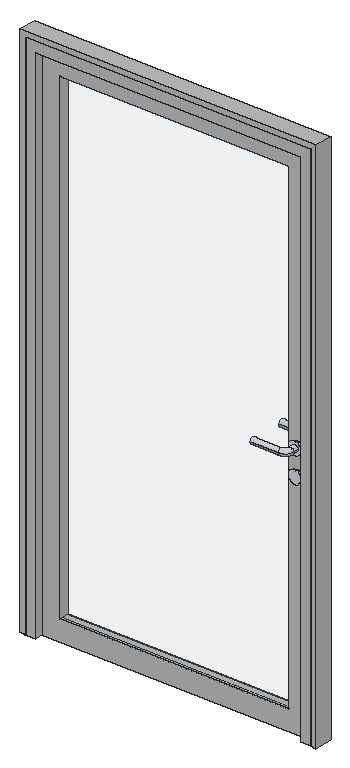
Revit family "BRU_Дверь_Однопольная_Алюминиевая", category Двери, Revit 2021
Family settings
  Основа = Стена
  Номер OmniClass = 23.30.10.00
  Заголовок OmniClass = Doors
  Всегда вертикально = Да
  При загрузке вырезать с полостями = Нет
  Общий = Нет
  Точка принадлежности помещению = Нет
Parameters (values of type "ДАВ-О-Н-EIWS30 1150х2100(h) Пр")
  Четверть сверху.Размер [instance] = 30 mm
  Четверть (есть/нет) [instance] = no
  Четверть сверху [instance] = if([Четверть (есть/нет)], Четверть сверху.Размер, 0 mm)  # 0 mm
  Четверть сбоку [instance] = if([Четверть (есть/нет)], Четверти сбоку.Размер, 0 mm)  # 0 mm
  Четверти сбоку.Размер [instance] = 30 mm
  Угол в плане 30 [instance] = yes
  Тип полотна двери = Полотно : Остекленное
  Ручка двери = none
  Рама двери.Ширина справа = 80 mm
  Рама двери.Ширина слева = 80 mm
  Рама двери.Ширина внизу = 80 mm
  Рама двери.Ширина вверху = 80 mm
  Полотно двери. Высота = Height - Коробка.Ширина  # 2050 mm
  Площадь [instance] = Rough Width * Rough Height  # 2.5645 m²
  Откосы.Ширина [instance] = 530 mm
  Define Thermal Properties by = 1
  Fire Rating = ""
  О_Обозначение = ""
  О_Наименование = ""
  Монтажный зазор снизу.Толщина [instance] = 130 mm
  Монтажный зазор сверху.Толщина = 20 mm
  Коробка.Ширина = 30 mm
  Коробка.Толщина = 70 mm
  Правая = yes
  Полотно.Толщина = 40 mm
  Полотно двери = none
  Остекление двери = none
  Наличник.Ширина [instance] = 60 mm
  Наличник.Толщина [instance] = 10 mm
  Наличник снаружи (есть/нет) [instance] = no
  Наличник внутри (есть/нет) [instance] = no
  Монтажный зазор сбоку.Толщина = 20 mm
  Type Comments = ""
  Глубина выреза проема наружу [instance] = 200 mm
  Глубина выреза проема внутрь [instance] = 200 mm
  Глубина вставки двери [instance] = 0 mm
  Левая = not(Правая)  # no
  Защитное ограждение (есть/нет) = no
  Огибание наружных слоев [instance] = 0 mm
  Width = 1110 mm
  Rough Width [instance] = Width + Монтажный зазор сбоку.Толщина * 2  # 1150 mm
  Rough Height [instance] = Height + Монтажный зазор сверху.Толщина + Монтажный зазор снизу.Толщина  # 2230 mm
  Группа модели = "Дверь остекленная с выпадающим порогом"
  Manufacturer = ""
  Wall Closure = (empty or 0)
  Height = 2080 mm
  Description = ""
  Тип конструкций = "Дверь стальная"
  Аналитическая конструкция = "<Нет>"
  BRU_ДверьТип = "BRU_Дверь_Однопольная_Алюминиевая_МОП_Противопожарная"
  ADSK_Этаж [instance] = ""
  ADSK_Толщина стены [instance] = 0 mm
  ADSK_Примечание [instance] = ""
  ADSK_Предел огнестойкости = "EIWS60"
  ADSK_Позиция [instance] = ""
  ADSK_Открывание = if(Правая, "Правая", "Левая")  # "Правая"
  ADSK_Обозначение = "ГОСТ 6629-88"  # constant formula
  ADSK_Наименование краткое = ""
  ADSK_Наименование = "ДАВ-О-Н-EIWS60 1300х2100(h)"
  ADSK_Масса_Текст = ""
  ADSK_Количество [instance] = 0
  ADSK_Код изделия = ""
  ADSK_Зона [instance] = ""
  ADSK_Завод-изготовитель = ""
  ADSK_Единица измерения = ""
  ADSK_Группирование [instance] = ""
  ADSK_URL страницы изделия = ""
  ADSK_URL документации изделия = ""
Types (6, lengths in mm): name | Полотно двери. Высота | Площадь | Правая | Левая | Width | Rough Width | Rough Height | Группа модели | Height | ADSK_Предел огнестойкости | ADSK_Открывание | ADSK_Наименование
  ДАВ-О-Н-EIWS30 1150х2100(h) Пр | 2050 | 2.5645 m² | yes | no | 1110 | 1150 | 2230 | "Дверь остекленная с выпадающим порогом" | 2080 | "EIWS60" | "Правая" | "ДАВ-О-Н-EIWS60 1300х2100(h)"
  ДАВ-О-Н-EIWS30 1150х2100(h) Л | 2050 | 2.5645 m² | no | yes | 1110 | 1150 | 2230 | "Дверь остекленная с выпадающим порогом" | 2080 | "EIWS60" | "Левая" | "ДАВ-О-Н-EIWS60 1300х2100(h)"
  ДАВ-О-Н-EIW30 1300х2400(h) Л | 2350 | 3.289 m² | no | yes | 1260 | 1300 | 2530 | "Дверь остекленная без порога" | 2380 | "EIW30" | "Левая" | "ДАВ-О-Н-EIW30 1300х2400(h)"
  ДАВ-О-Н-EIWS60 1300х2100(h) Пр | 2070 | 3.015 m² | yes | no | 1300 | 1340 | 2250 | "Дверь остекленная с выпадающим порогом" | 2100 | "EIWS60" | "Правая" | "ДАВ-О-Н-EIWS60 1300х2100(h)"
  ДАВ-О-Н-EIWS60 1300х2100(h) Л | 2050 | 2.899 m² | no | yes | 1260 | 1300 | 2230 | "Дверь остекленная с выпадающим порогом" | 2080 | "EIWS60" | "Левая" | "ДАВ-О-Н-EIWS60 1300х2100(h)"
  ДАВ-О-Н-EIW30 1300х2400(h) Пр | 2350 | 3.289 m² | yes | no | 1260 | 1300 | 2530 | "Дверь остекленная без порога" | 2380 | "EIW30" | "Правая" | "ДАВ-О-Н-EIW30 1300х2400(h)"
Reference planes
  plane 1: y = 0
  plane 2 "По центру (Влево/Вправо)": x = 0
  plane 3 "Слева": x = -575
  plane 4 "Справа": x = 575
  plane 5: z = 2230
  plane 6 "Наружный": y = 300
  plane 7 "Внутренние": y = -300
  plane 8 "Вставка двери": y = 300
  plane 9 "Четверть слева": x = -575
  plane 10 "Четверть справа": x = 575
  plane 11 "Четверть сверху": z = 2230
  plane 12 "Полотно двери": y = 260
  plane 13 "Рама внутри": y = 230
  plane 14 "Монтажный зазор слева": x = -555
  plane 15 "Монтажный зазор справа": x = 555
  plane 16 "Монтажный зазор сверху": z = 2210
  plane 17 "Глубина огибания наружного слоя": y = 300
  plane 18: y = 310
  plane 19: x = 565
  plane 20: y = -310
  plane 21: x = -565
  plane 22: y = 500
  plane 23: y = -500
  plane 24 "2": z = 130
Forms (mm)
  Extrusion 1, void
    sketch origin (0, 0, 0) x (1, 0, 0) y (0, 1, 0)
      loop
        line (575, 300) -> (-575, 300) -> (-575, -500) -> (575, -500) -> (575, 300)
    from 0 to 2230
  Extrusion 2, void
    sketch origin (0, 0, 0) x (1, 0, 0) y (0, 1, 0)
      loop
        line (575, 500) -> (-575, 500) -> (-575, 300) -> (575, 300) -> (575, 500)
    from 0 to 2230
  Sweep 3, solid, material <- "Полотно двери", visible <- "Наличник снаружи (есть/нет)", detail levels fine
    path origin (0, 300, 0) x (1, 0, 0) y (0, 0, 1)
      loop
        line (-575, 130) -> (-575, 2230) -> (575, 2230) -> (575, 130)
    profile origin (-575, 300, 1180) x (-1, 0, 0) y (0, -1, 0)
      loop
        line (-10, 0) -> (-10, -5)
        arc (-10, -5) -> (-8.536, -8.536) -> (-5, -10) r 5
        line (-5, -10) -> (45, -10)
        arc (45, -10) -> (48.536, -8.536) -> (50, -5) r 5
        line (50, -5) -> (50, 0) -> (-10, 0)
  Sweep 4, solid, material <- "Полотно двери", visible <- "Наличник внутри (есть/нет)", detail levels fine
    path origin (0, -300, 0) x (1, 0, 0) y (0, 0, 1)
      loop
        line (-575, 130) -> (-575, 2230) -> (575, 2230) -> (575, 130)
    profile origin (-575, -300, 1180) x (-1, 0, 0) y (0, -1, 0)
      loop
        line (-20, 0) -> (40, 0) -> (40, 5)
        arc (40, 5) -> (38.536, 8.536) -> (35, 10) r 5
        line (35, 10) -> (-15, 10)
        arc (-15, 10) -> (-18.536, 8.536) -> (-20, 5) r 5
        line (-20, 5) -> (-20, 0)
  Sweep 5, solid, material <- "Полотно двери"
    path origin (0, 300, 0) x (-1, 0, 0) y (0, 0, 1)
      loop
        line (555, 130) -> (555, 2210) -> (-555, 2210) -> (-555, 130)
    profile origin (555, 300, 1170) x (0, 1, 0) y (-1, 0, 0)
      loop
        line (0, 0) -> (0, 30) -> (-40, 30) -> (-40, 40) -> (-70, 40) -> (-70, 0) -> (0, 0)
  Sweep 6, solid, material <- "Полотно двери", visible <- "Наличник снаружи (есть/нет)", detail levels fine
    path origin (0, 300, 0) x (-1, 0, 0) y (0, 0, 1)
      loop
        line (575, 130) -> (575, 2230) -> (-575, 2230) -> (-575, 130)
    profile origin (575, 300, 1180) x (0, 1, 0) y (-1, 0, 0)
      loop
        line (5, 0) -> (5, 10) -> (0, 10) -> (0, 0) -> (5, 0)
  Extrusion 7, solid, material <- "Полотно двери"
    sketch origin (-2514.822, 300, 1200) x (-1, 0, 0) y (0, 0, 1)
      loop
        line (-3089.822, 1030) -> (-3089.822, -1070) -> (-3068.822, -1070) -> (-3068.822, 1009) -> (-1960.822, 1009) -> (-1960.822, -1070) -> (-1939.822, -1070) -> (-1939.822, 1030) -> (-3089.822, 1030)
    from 0 to -70
Cuts and joins
  joined: Sweep 3, Sweep 6
Lines and regions (mm)
  Masking region 1, detail levels fine
    outline origin (0, 0, 0) x (0, 1, 0) y (0, 0, 1)
      loop
        line (230, 2170) -> (260, 2170) -> (260, 2180) -> (300, 2180) -> (300, 2210) -> (230, 2210) -> (230, 2170)
  Masking region 2, detail levels fine
    outline origin (0, 0, 0) x (0, 1, 0) y (0, 0, 1)
      loop
        line (300, 130) -> (300, 2180) -> (260, 2180) -> (260, 130) -> (300, 130)
  Masking region 3, detail levels fine
    outline origin (0, 0, 0) x (0, 1, 0) y (0, 0, 1)
      loop
        line (230, 2170) -> (230, 130) -> (260, 130) -> (260, 2170) -> (230, 2170)
  Masking region 4, detail levels coarse+medium
    outline origin (0, 0, 0) x (0, 1, 0) y (0, 0, 1)
      loop
        line (300, 130) -> (300, 2230) -> (230, 2230) -> (230, 130) -> (300, 130)
Text (mm)
  text "Наружный" at (-2295.016, 1099.543, 0), in view "Опорный уровень "
  text "Наружный" at (0, 1615.38, 3698.081), in view "Слева"
  text "Наружный" at (0, 1036.032, 3874.932), in view "Справа"
Dimensions and locks
  equal spacing: plane 14 "Монтажный зазор слева", plane 2 "По центру (Влево/Вправо)", plane 15 "Монтажный зазор справа"
  "Width": plane 14 "Монтажный зазор слева" to plane 15 "Монтажный зазор справа"
  "Height": plane 16 "Монтажный зазор сверху" to plane 24 "2"
  host wall to plane 5 = 2230 mm  (x2)
  locked: plane 6 "Наружный" to host wall
  locked: plane 7 "Внутренние" to host wall
  "Четверть сбоку": plane 3 "Слева" to plane 9 "Четверть слева"
  "Четверть сбоку": plane 10 "Четверть справа" to plane 4 "Справа"
  "Глубина вставки двери": plane 6 "Наружный" to plane 8 "Вставка двери"
  "Наличник.Ширина": Sweep 3 sketch curve to plane 21
  "Коробка.Толщина": plane 8 "Вставка двери" to plane 13 "Рама внутри"
  "Полотно.Толщина": plane 8 "Вставка двери" to plane 12 "Полотно двери"
  "Огибание наружных слоев": plane 6 "Наружный" to plane 17 "Глубина огибания наружного слоя"
  "Наличник.Ширина": Sweep 4 sketch curve to Sweep 4 sketch curve
  locked: Sweep 4 sketch curve to Sweep 4 sketch curve at 5  (x4)
  locked: Sweep 3 sketch curve to Sweep 3 sketch curve at 5
  "Коробка.Ширина": Sweep 5 sketch curve to profile plane
  locked: Sweep 5 sketch curve to Sweep 5 sketch curve at 10
  "Наличник.Толщина": plane 7 "Внутренние" to plane 20
  "Наличник.Толщина": plane 18 to plane 6 "Наружный"
  "Наличник.Толщина": plane 9 "Четверть слева" to plane 21
  "Наличник.Толщина": plane 19 to plane 10 "Четверть справа"
  locked: plane 18 to Sweep 3 sketch curve at 5  (x2)
  locked: Sweep 3 sketch curve to plane 21 at 5
  locked: plane 18 to Sweep 6 sketch curve at 5
  "Откосы.Ширина": plane 7 "Внутренние" to plane 13 "Рама внутри"
  equal spacing: plane 3 "Слева", plane 2 "По центру (Влево/Вправо)", plane 4 "Справа"
  "Rough Width": plane 3 "Слева" to plane 4 "Справа"
  "Глубина выреза проема внутрь": plane 23 to plane 7 "Внутренние"
  "Глубина выреза проема наружу": plane 6 "Наружный" to plane 22
  locked: Extrusion 7 sketch curve to plane 15 "Монтажный зазор справа" at 1
  locked: Extrusion 7 sketch curve to plane 16 "Монтажный зазор сверху" at 1
  locked: plane 14 "Монтажный зазор слева" to Extrusion 7 sketch curve at 1
  "Монтажный зазор снизу.Толщина": level to plane 24 "2"
  "Монтажный зазор сверху.Толщина": plane 5 to plane 16 "Монтажный зазор сверху"
  "Четверть сверху": plane 5 to plane 11 "Четверть сверху"
  aligned and locked: plane 1 to host wall
  aligned and locked: plane 8 "Вставка двери" to Extrusion 1 sketch curve
  aligned and locked: plane 3 "Слева" to Extrusion 1 sketch curve
  aligned and locked: Extrusion 1 sketch curve to plane 4 "Справа"
  aligned and locked: Extrusion 1 to level
  aligned and locked: Extrusion 1 to plane 5
  aligned and locked: Extrusion 2 sketch curve to plane 8 "Вставка двери"
  aligned and locked: plane 10 "Четверть справа" to Extrusion 2 sketch curve
  aligned and locked: Extrusion 2 sketch curve to plane 9 "Четверть слева"
  aligned and locked: Extrusion 2 to level
  aligned and locked: plane 11 "Четверть сверху" to Extrusion 2
  aligned and locked: plane 9 "Четверть слева" to Sweep 3 sketch curve
  aligned and locked: plane 11 "Четверть сверху" to Sweep 3 sketch curve
  aligned and locked: plane 10 "Четверть справа" to Sweep 3 sketch curve
  aligned and locked: Sweep 4 sketch curve to plane 3 "Слева"
  aligned and locked: Sweep 4 sketch curve to plane 5
  aligned and locked: Sweep 4 sketch curve to plane 4 "Справа"
  aligned and locked: Sweep 4 sketch curve to plane 7 "Внутренние"
  aligned and locked: Sweep 5 sketch curve to plane 15 "Монтажный зазор справа"
  aligned and locked: Sweep 5 sketch curve to plane 16 "Монтажный зазор сверху"
  aligned and locked: Sweep 5 sketch curve to plane 14 "Монтажный зазор слева"
  aligned and locked: profile plane to Sweep 5 sketch curve
  aligned and locked: plane 13 "Рама внутри" to Sweep 5 sketch curve
  aligned and locked: plane 8 "Вставка двери" to Sweep 5 sketch curve
  aligned and locked: plane 12 "Полотно двери" to Sweep 5 sketch curve
  aligned and locked: plane 12 "Полотно двери" to nested 1
  aligned and locked: nested 1 to plane 8 "Вставка двери"
  aligned and locked: Sweep 5 to nested 1
  aligned and locked: nested 1 to Sweep 5  (x2)
  aligned and locked: plane 2 "По центру (Влево/Вправо)" to nested 2
  aligned and locked: nested 2 to plane 8 "Вставка двери"
  aligned and locked: plane 12 "Полотно двери" to nested 2
  aligned and locked: plane 13 "Рама внутри" to nested 2
  aligned and locked: plane 2 "По центру (Влево/Вправо)" to nested 3
  aligned and locked: plane 8 "Вставка двери" to nested 3
  aligned and locked: nested 3 to plane 12 "Полотно двери"
  aligned and locked: nested 3 to plane 13 "Рама внутри"
  aligned and locked: Sweep 4 sketch curve to plane 14 "Монтажный зазор слева"
  aligned and locked: profile plane to Sweep 3 sketch curve
  aligned and locked: Sweep 6 sketch curve to plane 11 "Четверть сверху"
  aligned and locked: plane 10 "Четверть справа" to Sweep 6 sketch curve  (x2)
  aligned and locked: plane 9 "Четверть слева" to Sweep 6 sketch curve
  aligned and locked: plane 8 "Вставка двери" to Sweep 6 sketch curve
  aligned and locked: plane 20 to Sweep 4 sketch curve
  aligned and locked: plane 18 to Sweep 3 sketch curve
  aligned and locked: Sweep 6 sketch curve to plane 19
  aligned and locked: Masking region 1 sketch curve to Sweep 5  (x2)
  aligned and locked: plane 12 "Полотно двери" to Masking region 1 sketch curve
  aligned and locked: plane 13 "Рама внутри" to Masking region 1 sketch curve
  aligned and locked: plane 8 "Вставка двери" to Masking region 1 sketch curve
  aligned and locked: plane 16 "Монтажный зазор сверху" to Masking region 1 sketch curve
  aligned and locked: plane 8 "Вставка двери" to Masking region 2 sketch curve
  aligned and locked: plane 12 "Полотно двери" to Masking region 2 sketch curve
  aligned and locked: Masking region 2 sketch curve to Sweep 5
  aligned and locked: Masking region 3 sketch curve to Sweep 5
  aligned and locked: plane 13 "Рама внутри" to Masking region 3 sketch curve
  aligned and locked: plane 12 "Полотно двери" to Masking region 3 sketch curve
  aligned and locked: plane 8 "Вставка двери" to Masking region 4 sketch curve
  aligned and locked: plane 13 "Рама внутри" to Masking region 4 sketch curve
  aligned and locked: plane 5 to Masking region 4 sketch curve
  aligned and locked: Extrusion 7 sketch curve to plane 4 "Справа"
  aligned and locked: Extrusion 7 sketch curve to plane 3 "Слева"
  aligned and locked: Extrusion 7 sketch curve to plane 5
  aligned and locked: Extrusion 7 to plane 13 "Рама внутри"
  aligned and locked: plane 8 "Вставка двери" to Extrusion 7
  aligned and locked: plane 22 to Extrusion 2 sketch curve
  aligned and locked: Extrusion 1 sketch curve to plane 23
  aligned and locked: plane 24 "2" to Sweep 5 sketch curve  (x2)
  aligned and locked: plane 24 "2" to Sweep 3 sketch curve  (x2)
  aligned and locked: plane 24 "2" to Sweep 6 sketch curve  (x2)
  aligned and locked: plane 24 "2" to Sweep 4 sketch curve  (x2)
  aligned and locked: Extrusion 7 sketch curve to plane 24 "2"
  aligned and locked: plane 24 "2" to Extrusion 7 sketch curve
  aligned and locked: Masking region 4 sketch curve to plane 24 "2"
  aligned and locked: Masking region 3 sketch curve to plane 24 "2"
  aligned and locked: Masking region 2 sketch curve to plane 24 "2"
Nested families
  nested 1: "Полотно" at (0, 300, 130), type <- "Тип полотна двери", Полотно двери.Высота <- "Полотно двери. Высота", type "Остекленное"
    with Полотно двери.Ширина 1050 mm, Полотно двери.Толщина 40 mm, Полотно двери.Высота 2050 mm
  nested 2: "Обозначение на плане" at (0, 300, 0), Ширина двери <- "Rough Width", visible <- "Правая", Монтажный зазор <- "Монтажный зазор сбоку.Толщина", Ширина коробки <- "Коробка.Ширина", Толщина полотна двери <- "Полотно.Толщина", Толщина коробки <- "Коробка.Толщина", type "По-умолчанию"
    with Ширина полотна двери 1050 mm, Ширина коробки 30 mm, Ширина двери 1150 mm, Толщина полотна двери 40 mm, Толщина коробки 70 mm, Монтажный зазор 20 mm
  nested 3: "Обозначение на плане" at (0, 300, 0) x (-1, 0, 0) z (0, 0, 1), Ширина двери <- "Rough Width", visible <- "Левая", Монтажный зазор <- "Монтажный зазор сбоку.Толщина", Ширина коробки <- "Коробка.Ширина", Толщина полотна двери <- "Полотно.Толщина", Толщина коробки <- "Коробка.Толщина", type "По-умолчанию"
    with Ширина полотна двери 1050 mm, Ширина коробки 30 mm, Ширина двери 1150 mm, Толщина полотна двери 40 mm, Толщина коробки 70 mm, Монтажный зазор 20 mm
Definition of nested family "Полотно"
  Parameters (values of type "Глухое")
    Ручка.Отступ от края = 50 mm
    Ручка.Высота расположения = 1000 mm
    Ручка двери = none
    Рама справа.Ширина = 150 mm
    Рама слева.Ширина = 150 mm
    Рама внизу.Ширина = 600 mm
    Рама вверху.Ширина = 150 mm
    Правая = yes
    Полотно остекленное = no
    Полотно двери.Ширина [instance] = 1000 mm
    Полотно двери.Толщина [instance] = 40 mm
    Полотно двери.Высота [instance] = 2100 mm
    Полотно двери = none
    Полотно глухое = yes
    Остекление двери = none
    Левая = not(Правая)  # no
    Защитные ограждения = no
    Analytic Construction = "<Нет>"
  Types (2, lengths in mm): name | Рама справа.Ширина | Рама слева.Ширина | Рама внизу.Ширина | Рама вверху.Ширина | Полотно остекленное | Полотно глухое
    Глухое | 150 | 150 | 600 | 150 | no | yes
    Остекленное | 80 | 80 | 80 | 80 | yes | no
  Reference planes
    plane 1 "Center (Front/Back)": y = 0
    plane 2: z = 0
    plane 3 "Center (Left/Right)": x = 0
    plane 4: x = -500
    plane 5: x = 500
    plane 6 "Back": y = -40
    plane 7: z = 2100
    plane 8 "Высота расположения ручки": z = 1000
    plane 9 "Отступ ручки справа": x = 450
    plane 10 "Отступ ручки слева": x = -450
    plane 11 "Остекление снаружи": y = -8
    plane 12 "Остекление внутри": y = -32
    plane 13 "Ширина рамы справа": x = -350
    plane 14 "Ширина рамы слева": x = 350
    plane 15 "Ширина рамы внизу": z = 600
    plane 16 "Ширина рамы вверху": z = 1950
    plane 17: z = 950
    plane 18: z = 800
    plane 19: z = 650
    plane 20: z = 1050
  Forms (mm)
    Extrusion 1, solid, material <- "Полотно двери", visible <- "Полотно глухое"
      sketch origin (0, 0, 0) x (1, 0, 0) y (0, 0, 1)
        loop
          line (-500, 2100) -> (-500, 0) -> (500, 0) -> (500, 2100) -> (-500, 2100)
      from 0 to 40 <- "Полотно двери.Толщина"
    Extrusion 2, solid, material <- "Полотно двери", visible <- "Полотно остекленное"
      sketch origin (0, 0, 0) x (1, 0, 0) y (0, 0, 1)
        loop
          line (-500, 2100) -> (-500, 0) -> (500, 0) -> (500, 2100) -> (-500, 2100)
        loop
          line (-350, 600) -> (350, 600) -> (350, 1950) -> (-350, 1950) -> (-350, 600)
      from 0 to 40
    Extrusion 3, solid, material <- "Остекление двери", visible <- "Полотно остекленное"
      sketch origin (-646.608, -8, 1200) x (-1, 0, 0) y (0, 0, 1)
        loop
          line (-296.608, 750) -> (-996.608, 750) -> (-996.608, -600) -> (-296.608, -600) -> (-296.608, 750)
      from 0 to -24
    Sweep 4, solid, material <- "Ручка двери", visible <- "Защитные ограждения", detail levels medium+fine
      path origin (-858.179, -1524, 950) x (-1, 0, 0) y (0, -1, 0)
        loop
          arc (-478.179, -1469) -> (-482.572, -1458.393) -> (-493.179, -1454) r 15
          line (-493.179, -1454) -> (-1223.179, -1454)
          arc (-1223.179, -1454) -> (-1233.785, -1458.393) -> (-1238.179, -1469) r 15
          line (-1238.179, -1469) -> (-1238.179, -1539)
          arc (-1238.179, -1539) -> (-1233.785, -1549.607) -> (-1223.179, -1554) r 15
          line (-1223.179, -1554) -> (-493.179, -1554)
          arc (-493.179, -1554) -> (-482.572, -1549.607) -> (-478.179, -1539) r 15
          line (-478.179, -1539) -> (-478.179, -1469)
      profile origin (-380, -20, 950) x (-1, 0, 0) y (0, 0, 1)
        loop
          circle (0, 0) r 10
    Sweep 5, solid, material <- "Ручка двери", visible <- "Защитные ограждения", detail levels medium+fine
      path origin (-858.179, -1524, 800) x (-1, 0, 0) y (0, -1, 0)
        loop
          arc (-478.179, -1469) -> (-482.572, -1458.393) -> (-493.179, -1454) r 15
          line (-493.179, -1454) -> (-1223.179, -1454)
          arc (-1223.179, -1454) -> (-1233.785, -1458.393) -> (-1238.179, -1469) r 15
          line (-1238.179, -1469) -> (-1238.179, -1539)
          arc (-1238.179, -1539) -> (-1233.785, -1549.607) -> (-1223.179, -1554) r 15
          line (-1223.179, -1554) -> (-493.179, -1554)
          arc (-493.179, -1554) -> (-482.572, -1549.607) -> (-478.179, -1539) r 15
          line (-478.179, -1539) -> (-478.179, -1469)
      profile origin (-380, -20, 800) x (-1, 0, 0) y (0, 0, 1)
        loop
          circle (0, 0) r 10
    Sweep 6, solid, material <- "Ручка двери", visible <- "Защитные ограждения", detail levels medium+fine
      path origin (-858.179, -1524, 650) x (-1, 0, 0) y (0, -1, 0)
        loop
          arc (-478.179, -1469) -> (-482.572, -1458.393) -> (-493.179, -1454) r 15
          line (-493.179, -1454) -> (-1223.179, -1454)
          arc (-1223.179, -1454) -> (-1233.785, -1458.393) -> (-1238.179, -1469) r 15
          line (-1238.179, -1469) -> (-1238.179, -1539)
          arc (-1238.179, -1539) -> (-1233.785, -1549.607) -> (-1223.179, -1554) r 15
          line (-1223.179, -1554) -> (-493.179, -1554)
          arc (-493.179, -1554) -> (-482.572, -1549.607) -> (-478.179, -1539) r 15
          line (-478.179, -1539) -> (-478.179, -1469)
      profile origin (-380, -20, 650) x (-1, 0, 0) y (0, 0, 1)
        loop
          circle (0, 0) r 10
  Lines and regions (mm)
    symbolic lines, visible <- "Правая", detail levels medium
      curve 1: line (-500, 0, 0) -> (500, 0, 1050)
      curve 2: line (500, 0, 1050) -> (-500, 0, 2100)
    symbolic lines, visible <- "Левая", detail levels medium
      curve 3: line (500, 0, 0) -> (-500, 0, 1050)
      curve 4: line (-500, 0, 1050) -> (500, 0, 2100)
  Dimensions and locks
    "Полотно двери.Толщина": plane 1 "Center (Front/Back)" to plane 6 "Back"
    equal spacing: plane 4, plane 3 "Center (Left/Right)", plane 5
    "Полотно двери.Ширина": plane 4 to plane 5
    "Полотно двери.Высота": plane 7 to plane 2
    "Ручка.Высота расположения": plane 8 "Высота расположения ручки" to level
    "Ручка.Отступ от края": plane 5 to plane 9 "Отступ ручки справа"
    "Ручка.Отступ от края": plane 10 "Отступ ручки слева" to plane 4
    locked: plane 12 "Остекление внутри" to plane 6 "Back" at 8
    locked: plane 1 "Center (Front/Back)" to plane 11 "Остекление снаружи" at 8
    "Рама вверху.Ширина": plane 7 to plane 16 "Ширина рамы вверху"
    "Рама внизу.Ширина": plane 15 "Ширина рамы внизу" to plane 2
    "Рама справа.Ширина": plane 5 to plane 14 "Ширина рамы слева"
    "Рама слева.Ширина": plane 13 "Ширина рамы справа" to plane 4
    locked: plane 17 to plane 2 at 950
    plane 17 to plane 18 to plane 19 = 150 mm locked, 150 mm locked
    locked: plane 1 "Center (Front/Back)" to Sweep 4 sketch curve at 30
    locked: Sweep 4 sketch curve to profile plane at 0
    locked: profile plane to Sweep 4 sketch curve at 0
    locked: Sweep 4 sketch curve to plane 6 "Back" at 30
    locked: Sweep 5 sketch curve to profile plane at 0
    locked: profile plane to Sweep 5 sketch curve at 0
    locked: Sweep 5 sketch curve to plane 6 "Back" at 30
    locked: plane 1 "Center (Front/Back)" to Sweep 5 sketch curve at 30
    locked: Sweep 6 sketch curve to profile plane at 0
    locked: profile plane to Sweep 6 sketch curve at 0
    locked: Sweep 6 sketch curve to plane 6 "Back" at 30
    locked: plane 1 "Center (Front/Back)" to Sweep 6 sketch curve at 30
    equal spacing: plane 7, plane 20, plane 2
    locked: Sweep 4 sketch curve to plane 13 "Ширина рамы справа" at 30
    locked: plane 14 "Ширина рамы слева" to Sweep 4 sketch curve at 30
    locked: plane 14 "Ширина рамы слева" to Sweep 5 sketch curve at 30
    locked: Sweep 5 sketch curve to plane 13 "Ширина рамы справа" at 30
    locked: Sweep 6 sketch curve to plane 13 "Ширина рамы справа" at 30
    locked: plane 14 "Ширина рамы слева" to Sweep 6 sketch curve at 30
    locked: Sweep 4 sketch curve to Sweep 4 sketch curve at 15  (x8)
    locked: Sweep 5 sketch curve to Sweep 5 sketch curve at 15  (x8)
    locked: Sweep 6 sketch curve to Sweep 6 sketch curve at 15  (x8)
    aligned and locked: level to plane 2
    aligned and locked: Extrusion 1 sketch curve to plane 7
    aligned and locked: plane 4 to Extrusion 1 sketch curve
    aligned and locked: plane 2 to Extrusion 1 sketch curve
    aligned and locked: Extrusion 1 sketch curve to plane 5
    aligned and locked: Extrusion 1 to plane 1 "Center (Front/Back)"
    aligned and locked: Extrusion 1 to plane 6 "Back"
    aligned and locked: nested 1 to plane 10 "Отступ ручки слева"
    aligned and locked: plane 1 "Center (Front/Back)" to nested 1
    aligned and locked: plane 6 "Back" to nested 1
    aligned and locked: plane 8 "Высота расположения ручки" to nested 1
    aligned and locked: nested 2 to plane 1 "Center (Front/Back)"
    aligned and locked: nested 2 to plane 6 "Back"
    aligned and locked: nested 2 to plane 9 "Отступ ручки справа"
    aligned and locked: nested 2 to plane 8 "Высота расположения ручки"
    aligned and locked: Extrusion 2 sketch curve to plane 4
    aligned and locked: Extrusion 2 sketch curve to plane 5
    aligned and locked: Extrusion 2 sketch curve to plane 7
    aligned and locked: Extrusion 2 sketch curve to plane 2
    aligned and locked: Extrusion 2 sketch curve to plane 15 "Ширина рамы внизу"
    aligned and locked: Extrusion 2 sketch curve to plane 13 "Ширина рамы справа"
    aligned and locked: Extrusion 2 sketch curve to plane 14 "Ширина рамы слева"
    aligned and locked: Extrusion 2 sketch curve to plane 16 "Ширина рамы вверху"
    aligned and locked: Extrusion 2 to plane 1 "Center (Front/Back)"
    aligned and locked: Extrusion 2 to plane 6 "Back"
    aligned and locked: plane 13 "Ширина рамы справа" to Extrusion 3 sketch curve
    aligned and locked: plane 14 "Ширина рамы слева" to Extrusion 3 sketch curve
    aligned and locked: plane 16 "Ширина рамы вверху" to Extrusion 3 sketch curve
    aligned and locked: plane 15 "Ширина рамы внизу" to Extrusion 3 sketch curve
    aligned and locked: Extrusion 3 to plane 11 "Остекление снаружи"
    aligned and locked: Extrusion 3 to plane 12 "Остекление внутри"
    aligned and locked: plane 4 to curve 1
    aligned and locked: plane 2 to curve 1
    aligned and locked: plane 5 to curve 2
    aligned and locked: plane 20 to curve 1
    aligned and locked: plane 7 to Extrusion 2
    aligned and locked: plane 4 to Extrusion 2
  Automatic sketch dimensions
    curve 3 to plane 4 = 0 mm
    curve 2 to plane 4 = 0 mm
    curve 3 to level = 0 mm
    curve 3 to plane 5 = 0 mm
    curve 4 to plane 5 = 0 mm
    curve 4 to plane 20 = 0 mm
    curve 4 to plane 7 = 0 mm
    curve 2 to plane 7 = 0 mm
    radius of Sweep 4 sketch curve = 10 mm
    radius of Sweep 5 sketch curve = 10 mm
    radius of Sweep 6 sketch curve = 10 mm
  Nested families
    nested 1: "Дверная ручка" at (-450, 0, 1000), visible <- "Левая", Полотно двери.Толщина <- "Полотно двери.Толщина", type "Дверная ручка", detail levels fine
      with Полотно двери.Толщина 40 mm
    nested 2: "Дверная ручка" at (450, 0, 1000) x (-1, 0, 0) z (0, 0, 1), visible <- "Правая", Полотно двери.Толщина <- "Полотно двери.Толщина", type "Дверная ручка", detail levels fine
      with Полотно двери.Толщина 40 mm
  Definition of nested family "Дверная ручка"
    Parameters (values of type "Дверная ручка")
      Полотно двери.Толщина [instance] = 40 mm
      Дверная ручка = none
      Analytic Construction = "<Нет>"
    Reference planes
      plane 1 "Center (Front/Back)": y = 0
      plane 2: z = 0
      plane 3 "Center (Left/Right)": x = 0
      plane 4: y = -40
      plane 5: z = -100
    Forms (mm)
      Sweep 1, solid, material <- "Дверная ручка", detail levels medium+fine
        path origin (0, 0, 0) x (1, 0, 0) y (0, 1, 0)
          loop
            line (130, 50) -> (20, 50)
            arc (20, 50) -> (5.858, 44.142) -> (0, 30) r 20
            line (0, 30) -> (0, -70)
            arc (0, -70) -> (5.858, -84.142) -> (20, -90) r 20
            line (20, -90) -> (130, -90)
        profile origin (0, -20, 0) x (1, 0, 0) y (0, 0, 1)
          loop
            circle (0, 0) r 12
      Extrusion 2, solid, material <- "Дверная ручка", detail levels medium+fine
        sketch origin (-2000, -40, 1200) x (-1, 0, 0) y (0, 0, 1)
          loop
            circle (-2000, -1200) r 25
        from 48 to -8
      Extrusion 3, solid, material <- "Дверная ручка", detail levels medium+fine
        sketch origin (-2000, -40, 1100) x (-1, 0, 0) y (0, 0, 1)
          loop
            circle (-2000, -1200) r 25
        from 48 to -8
    Cuts and joins
      joined: Sweep 1, Extrusion 2
    Dimensions and locks
      "Полотно двери.Толщина": plane 1 "Center (Front/Back)" to plane 4
      locked: Sweep 1 sketch curve to plane 4 at 50
      locked: plane 1 "Center (Front/Back)" to Sweep 1 sketch curve at 50
      locked: plane 4 to Sweep 1 sketch curve at 30
      locked: plane 1 "Center (Front/Back)" to Sweep 1 sketch curve at 30
      locked: plane 3 "Center (Left/Right)" to Sweep 1 sketch curve at 20  (x2)
      locked: plane 4 to Extrusion 2 at 8
      locked: Extrusion 3 sketch curve to plane 5 at 0
      locked: plane 3 "Center (Left/Right)" to Extrusion 3 sketch curve at 0
      locked: plane 1 "Center (Front/Back)" to cut or joined group of Sweep 1, Extrusion 2 at 8
      locked: Extrusion 3 to plane 1 "Center (Front/Back)" at 8
      aligned and locked: level to plane 2
      aligned and locked: Sweep 1 sketch curve to plane 3 "Center (Left/Right)"
    Automatic sketch dimensions
      Sweep 1 sketch curve to Sweep 1 sketch curve = 110 mm  (x2)
      Sweep 1 sketch curve to level = 0 mm
      profile plane to Sweep 1 sketch curve = 0 mm
      Extrusion 2 sketch curve to level = 0 mm
      Extrusion 2 sketch curve to plane 3 "Center (Left/Right)" = 0 mm
      radius of Sweep 1 sketch curve = 12 mm
      radius of Extrusion 2 sketch curve = 25 mm
      radius of Extrusion 3 sketch curve = 25 mm
Definition of nested family "Обозначение на плане"
  Parameters (values of type "По-умолчанию")
    Ширина полотна двери [instance] = Ширина двери - 60 mm - Монтажный зазор * 2  # 600 mm
    Ширина коробки [instance] = 30 mm
    Ширина двери [instance] = 700 mm
    Толщина полотна двери [instance] = 40 mm
    Толщина коробки [instance] = 80 mm
    Открывание двери.30° = yes
    Открывание двери.90° = not(Открывание двери.30°)  # no
    Монтажный зазор [instance] = 20 mm
    Линия открывания.Дуга = not(Открывание двери.30°)  # no
  Reference planes
    plane 1 "Center (Front/Back)": y = 0
    plane 2: z = 0
    plane 3 "Center (Left/Right)": x = 0
    plane 4: x = -350
    plane 5: x = 350
    plane 6 "Толщина коробки": y = -80
    plane 7 "Толщина полотна": y = -40
    plane 8: x = -330
    plane 9: x = 330
    plane 10: x = -300
    plane 11: x = 300
  Lines and regions (mm)
    Masking region 1, in view "Ref. Level", visible <- "Открывание двери.30°", detail levels fine
      outline origin (0, 0, 0) x (1, 0, 0) y (0, 1, 0)
        loop
          line (-300, 0) -> (-280, -34.641) -> (239.615, 265.359) -> (219.615, 300) -> (-300, 0)
    Masking region 2, in view "Ref. Level", visible <- "Открывание двери.90°", detail levels fine
      outline origin (0, 140, 0) x (1, 0, 0) y (0, 1, 0)
        loop
          line (-300, -140) -> (-260, -140) -> (-260, 460) -> (-300, 460) -> (-300, -140)
    Masking region 3, in view "Ref. Level", detail levels fine
      outline origin (0, 0, 0) x (1, 0, 0) y (0, 1, 0)
        loop
          line (-330, 0) -> (-350, 0) -> (-350, -80) -> (-330, -80) -> (-330, 0)
    Masking region 4, in view "Ref. Level", detail levels fine
      outline origin (0, 0, 0) x (1, 0, 0) y (0, 1, 0)
        loop
          line (-330, 0) -> (-330, -80) -> (-290, -80) -> (-290, -40) -> (-300, -40) -> (-300, 0) -> (-330, 0)
    Masking region 5, in view "Ref. Level", detail levels fine
      outline origin (0, 0, 0) x (1, 0, 0) y (0, 1, 0)
        loop
          line (330, 0) -> (330, -80) -> (350, -80) -> (350, 0) -> (330, 0)
    Masking region 6, in view "Ref. Level", detail levels fine
      outline origin (0, 0, 0) x (1, 0, 0) y (0, 1, 0)
        loop
          line (330, 0) -> (300, 0) -> (300, -40) -> (290, -40) -> (290, -80) -> (330, -80) -> (330, 0)
    Masking region 7, in view "Ref. Level", visible <- "Открывание двери.30°", detail levels fine
      outline origin (0, 140, 0) x (1, 0, 0) y (0, 1, 0)
        loop
          line (-300, -140) -> (-260, -140) -> (-260, 460) -> (-300, 460) -> (-300, -140)
    detail lines, in view "Ref. Level", visible <- "Открывание двери.90°", detail levels coarse+medium
      curve 1: line (-350, 0, 0) -> (-350, 700, 0)
    detail lines, in view "Ref. Level", visible <- "Линия открывания.Дуга", detail levels coarse+medium
      curve 2: arc (350, 0, 0) -> (144.975, 494.975, 0) -> (-350, 700, 0) r 700
    detail lines, in view "Ref. Level", visible <- "Открывание двери.30°", detail levels coarse+medium
      curve 3: line (-350, 0, 0) -> (256.218, 350, 0)
    detail lines, in view "Ref. Level", visible <- "Линия открывания.Дуга", detail levels fine
      curve 4: arc (300, 0, 0) -> (138.178, 409.878, 0) -> (-260, 598.665, 0) r 600
    detail lines, in view "Ref. Level", visible <- "Открывание двери.30°", detail levels fine
      curve 5: arc (300, 0, 0) -> (138.178, 409.878, 0) -> (-260, 598.665, 0) r 600
  Dimensions and locks
    equal spacing: plane 4, plane 3 "Center (Left/Right)", plane 5
    "Ширина двери": plane 4 to plane 5
    "Ширина двери": plane 1 "Center (Front/Back)" to curve 1
    "Ширина двери": curve 3 to curve 3
    "Толщина полотна двери": plane 1 "Center (Front/Back)" to plane 7 "Толщина полотна"
    "Толщина коробки": plane 1 "Center (Front/Back)" to plane 6 "Толщина коробки"
    "Монтажный зазор": plane 4 to plane 8
    "Монтажный зазор": plane 9 to plane 5
    "Ширина полотна двери": Masking region 1 sketch curve to Masking region 1 sketch curve
    "Ширина полотна двери": Masking region 2 sketch curve to Masking region 2 sketch curve
    "Толщина полотна двери": Masking region 2 sketch curve to Masking region 2 sketch curve
    "Ширина коробки": plane 8 to plane 10
    "Ширина коробки": plane 11 to plane 9
    locked: plane 10 to Masking region 4 sketch curve at 10
    locked: Masking region 6 sketch curve to plane 11 at 10
    "Ширина полотна двери": Masking region 7 sketch curve to Masking region 7 sketch curve
    "Толщина полотна двери": Masking region 7 sketch curve to Masking region 7 sketch curve
    "Ширина полотна двери": radius of curve 4
    "Ширина полотна двери": radius of curve 5
    locked: plane 1 "Center (Front/Back)" to curve 3 (angle 30.00°)
    locked: plane 1 "Center (Front/Back)" to Masking region 1 sketch curve (angle 30.00°)  (x2)
    aligned and locked: plane 1 "Center (Front/Back)" to curve 1
    aligned and locked: plane 1 "Center (Front/Back)" to curve 2
    aligned and locked: plane 4 to curve 3
    aligned and locked: plane 1 "Center (Front/Back)" to Masking region 1 sketch curve
    aligned and locked: Masking region 2 sketch curve to plane 1 "Center (Front/Back)"
    aligned and locked: Masking region 3 sketch curve to plane 8
    aligned and locked: Masking region 3 sketch curve to plane 4
    aligned and locked: Masking region 3 sketch curve to plane 6 "Толщина коробки"
    aligned and locked: Masking region 3 sketch curve to plane 1 "Center (Front/Back)"
    aligned and locked: Masking region 4 sketch curve to plane 8
    aligned and locked: Masking region 4 sketch curve to plane 10
    aligned and locked: Masking region 4 sketch curve to plane 6 "Толщина коробки"
    aligned and locked: Masking region 4 sketch curve to plane 7 "Толщина полотна"
    aligned and locked: Masking region 4 sketch curve to plane 1 "Center (Front/Back)"
    aligned and locked: plane 1 "Center (Front/Back)" to Masking region 5 sketch curve
    aligned and locked: plane 9 to Masking region 5 sketch curve
    aligned and locked: plane 6 "Толщина коробки" to Masking region 5 sketch curve
    aligned and locked: Masking region 5 sketch curve to plane 5
    aligned and locked: Masking region 6 sketch curve to plane 9
    aligned and locked: Masking region 6 sketch curve to plane 11
    aligned and locked: Masking region 6 sketch curve to plane 1 "Center (Front/Back)"
    aligned and locked: Masking region 6 sketch curve to plane 7 "Толщина полотна"
    aligned and locked: Masking region 6 sketch curve to plane 6 "Толщина коробки"
  Automatic sketch dimensions
    curve 4 to curve 5 = 0 mm  (x3)
    plane 1 "Center (Front/Back)" to curve 4 = 0 mm
    curve 4 to plane 10 = 0 mm
    plane 10 to curve 5 = 40 mm
    Masking region 1 sketch curve to plane 10 = 0 mm
    plane 7 "Толщина полотна" to Masking region 1 sketch curve = 5.359 mm
    Masking region 2 sketch curve to plane 10 = 0 mm
    Masking region 7 sketch curve to plane 10 = 0 mm
    plane 1 "Center (Front/Back)" to Masking region 7 sketch curve = 0 mm
